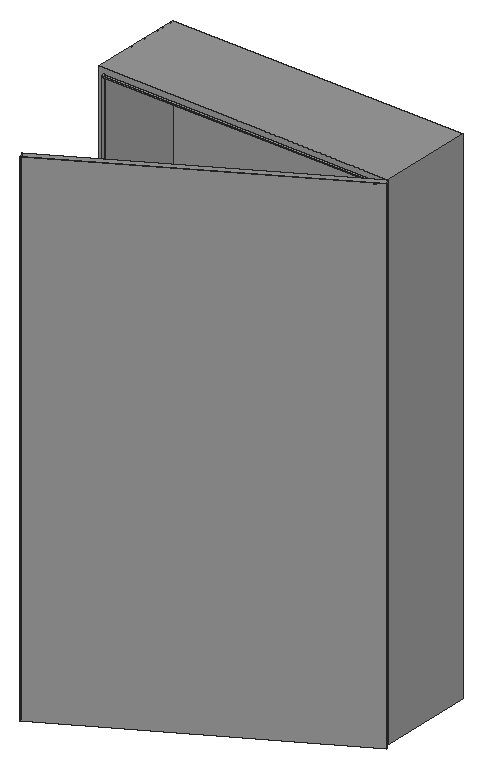
Revit family "Hager-Univers-IP55-D275-H1400-Cl.I-Steel_encl-NoHosted-DE-de", category Equipement électrique, Revit 2020
Family settings
  Configuration du panneau = Deux colonnes, circuits au sein
  Cote de connecteur circulaire = Utiliser le diamètre
  Type d'élément = Tableau de raccordement
  Basée sur le plan de construction = Oui
  Toujours verticalement = Oui
  Couper avec des vides une fois chargée = Non
  Partagée = Non
  Point de calcul de pièce = Non
Parameters (values of type "Aufputz IP55 B800 H1400 T275  - FR93E")
  Width Control [instance] = if([EF000008 - Breite] > Min Width, [EF000008 - Breite], Min Width)  # 800 mm
  Commentaires du type = [HG000003 - Bereich]  # "Univers"
  Thickness Door [instance] = if([EF009171 - Materialstärke Tür/Deckel] > 3 mm, 3 mm, [EF009171 - Materialstärke Tür/Deckel])  # 1.5 mm
  Seal Frame Offset [instance] = 17 mm  # constant formula
  Plinth Visibility [instance] = [HG000027 - Sockelhöhe] > 0 mm  # no
  Min Width [instance] = 100 mm  # constant formula
  Min Depth [instance] = (2 * [EF009170 - Materialstärke Gehäuse]) + 1 mm  # 4 mm
  Min Height [instance] = 100 mm  # constant formula
  Internal Frame Depth [instance] = (Door System Depth * 0.5)  # 9 mm
  Panel Name [instance] = ""  # (empty or 0)
  Model = ""
  HG000027 - Sockelhöhe = 0 mm
  HG000026 - Stehend auf dem Boden = no
  HG000024 - Höhe des unteren Teils = 600 mm
  HG000023 - Gehäuse mit doppeltem Querschnitt = no
  HG000016 - 3D-Türsichtbarkeit [instance] = yes
  HG000015 - Sichtbarkeit der Türöffnung [instance] = no
  HG000014 - Tür rechts [instance] = yes
  HG000013 - Tür links [instance] = not([HG000014 - Tür rechts])  # no
  HG000012 - Türschwenkwinkel [instance] = 30.00°
  HG000010 - Asymmetrische Türen = no
  HG000009 - Doppelflügeligen Tür = no
  HG000006 - Unterputz = no
  HG000004 - Herstellerreferenz = "FR93E"
  HG000003 - Bereich = "Univers"
  HG000002 - Mit tür = yes
  Frame Offset Bottom [instance] = 10 mm  # constant formula
  Frame Offset [instance] = 15 mm  # constant formula
  EF015940 - Deckel mit Überdruckentlastung = no
  EF011959 - Schutzart (NEMA) = ""
  EF009554 - Anzahl der Öffnungen für Flanschplatten = 6
  EF009212 - Ausführung Deckel = "EV000116 - geschlossen"
  EF009171 - Materialstärke Tür/Deckel = 1.5 mm
  EF009170 - Materialstärke Gehäuse = 1.5 mm
  EF008873 - Nennstrom (In) = 800 A
  EF007800 - Geeignet für Blitzschutz = no
  EF006306 - Mit Schloss = no
  EF006244 - Transparenter Deckel/Tür = no
  EF005474 - Schutzart (IP) = "EV006420 - IP55"
  EF004464 - Art der Tür = "EV002646 - Einzel"
  EF004427 - Anzahl der Module = 324
  EF004293 - Schlagfestigkeit = "EV008784 - IK10"
  EF003532 - Geeignet für Außengebrauch = no
  EF002950 - Breite in Teilungseinheiten = 24
  EF001613 - Funktionserhalt = "EV000494 - ohne"
  EF001596 - Werkstoff des Gehäuses = "EV000179 - Stahl"
  EF001131 - Innentiefe = 275 mm
  EF001088 - Anbaumöglichkeit = yes
  EF000437 - Anzahl der Leitungseinführungen = 6
  EF000339 - Art der Abdeckung = "EV004216 - Tür"
  EF000266 - Anzahl der Reihen = 9
  EF000218 - Einbautiefe = 0 mm
  EF000118 - Mit Montageplatte = no
  EF000116 - RAL-Nummer = "7035"
  EF000049 - Tiefe = 275 mm
  EF000040 - Höhe = 1400 mm
  EF000008 - Breite = 800 mm
  EF000007 - Farbe = "EV000270 - grau"
  EF000003 - Montageart = "EV000384 - Aufputz"
  Door System Leaf Tolerance [instance] = 1.5 mm  # constant formula
  Door System Depth [instance] = 18 mm  # constant formula
  Door Height [instance] = Height Control - [HG000027 - Sockelhöhe]  # 1400 mm
  Description = ""
  Default Elevation = 1219.2 mm
  Connector Offset [instance] = Height Control / 2  # 700 mm
  Fabricant = "Hager"  # constant formula
  Height Control [instance] = if([EF000040 - Höhe] > Min Height, [EF000040 - Höhe], Min Height)  # 1400 mm
  Depth Control [instance] = if([EF000049 - Tiefe] > Min Depth, [EF000049 - Tiefe], Min Depth)  # 275 mm
  Bottom Top Plate Trim [instance] = 1.5 mm  # constant formula
  Plinth height Ctrl [instance] = if([HG000027 - Sockelhöhe] > 0 mm, [HG000027 - Sockelhöhe], 12 mm)  # 12 mm
Types (5, lengths in mm): name | Width Control | HG000010 - Asymmetrische Türen | HG000009 - Doppelflügeligen Tür | HG000004 - Herstellerreferenz | EF009554 - Anzahl der Öffnungen für Flanschplatten | EF004464 - Art der Tür | EF004427 - Anzahl der Module | EF000437 - Anzahl der Leitungseinführungen | EF000008 - Breite
  Aufputz IP55 B1050 H1400 T275  - FR94E | 1050 | no | yes | "FR94E" | 8 | "EV003602 - Doppel" | 432 | 8 | 1050
  Aufputz IP55 B1300 H1400 T275  - FR95E | 1300 | yes | yes | "FR95E" | 10 | "EV003602 - Doppel" | 540 | 10 | 1300
  Aufputz IP55 B300 H1400 T275  - FR91E | 300 | no | no | "FR91E" | 2 | "EV002646 - Einzel" | 108 | 2 | 300
  Aufputz IP55 B550 H1400 T275  - FR92E | 550 | no | no | "FR92E" | 4 | "EV002646 - Einzel" | 216 | 4 | 550
  Aufputz IP55 B800 H1400 T275  - FR93E | 800 | no | no | "FR93E" | 6 | "EV002646 - Einzel" | 324 | 6 | 800
Reference planes
  plane 1 "Center (Front/Back)": y = 0
  plane 2: z = 0
  plane 3 "Center (Left/Right)": x = 0
  plane 4: y = 0
  plane 5: y = 0
  plane 6: z = 0
  plane 7: x = -400
  plane 8: x = 400
  plane 9: x = 398.5
  plane 10: x = -398.5
  plane 11: z = 0
  plane 12: z = 1.5
  plane 13: y = -275
  plane 14: y = -1.5
  plane 15: x = 0
  plane 16: y = -257
  plane 17: y = -273.5
  plane 18: y = -255.5
  plane 19: x = -383.5
  plane 20: x = 383.5
  plane 21: z = 11.5
  plane 22: x = -383
  plane 23: x = 383
  plane 24: z = 0
  plane 25: z = 1400
  plane 26: z = 1400
  plane 27: z = 1383.5
  plane 28: z = 1398.5
Forms (mm)
  Extrusion 1, solid, material "Hager_Steel_RAL7035_Light_Grey", detail levels medium+fine
    sketch origin (-208.679, -4572, 0) x (-1, 0, 0) y (0, -1, 0)
      loop
        line (191.321, -4315) -> (-608.679, -4315) -> (-608.679, -4572) -> (191.321, -4572) -> (191.321, -4315)
    from 0 to 1400
  Extrusion 2, void
    sketch origin (-350.771, -275, 1219.2) x (1, 0, 0) y (0, 0, 1)
      loop
        line (-47.729, 179.3) -> (-47.729, -1217.7) -> (749.271, -1217.7) -> (749.271, 179.3) -> (-47.729, 179.3)
    from -19.5 to -273.5
  Extrusion 3, void
    sketch origin (-290.084, -257, 1219.2) x (1, 0, 0) y (0, 0, 1)
      loop
        line (-93.416, -1207.7) -> (673.584, -1207.7) -> (673.584, 164.3) -> (-93.416, 164.3) -> (-93.416, -1207.7)
    from 0 to -1.5
  Extrusion 4, solid, material "Hager_Steel_RAL7035_Light_Grey", visible <- "Plinth Visibility", detail levels medium+fine
    sketch origin (0, 0, 0) x (1, 0, 0) y (0, 1, 0)
      loop
        line (-400, 0) -> (-400, -257) -> (400, -257) -> (400, 0) -> (-400, 0)
    from 0 to 12 <- "Plinth height Ctrl"
  Extrusion 5, solid, material "Hager_Steel_RAL7035_Light_Grey", detail levels coarse
    sketch origin (0, 0, 0) x (1, 0, 0) y (0, 1, 0)
      loop
        line (-400, 0) -> (-400, -275) -> (400, -275) -> (400, 0) -> (-400, 0)
    from 0 to 1400 <- "Height Control"
  Sweep 6, void
    path in 3D
      loop
        line (-400, -257, 12) -> (400, -257, 12) -> (400, 0, 12) -> (-400, 0, 12) -> (-400, -257, 12)
    profile origin (-400, -128.5, 12) x (1, 0, 0) y (0, 0, 1)
      loop
        line (0, 0) -> (0, -1.5) -> (1.5, -1.5)
        arc (1.5, -1.5) -> (1.061, -0.439) -> (0, 0) r 1.5
  Extrusion 7, solid, material "Hager_Steel_RAL7035_Light_Grey", detail levels fine
    sketch origin (-400, -257, 0) x (1, 0, 0) y (0, 0, 1)
      loop
        line (16.5, 11.5) -> (783.5, 11.5) -> (783.5, 1383.5) -> (16.5, 1383.5) -> (16.5, 11.5)
      loop
        line (15, 10) -> (785, 10) -> (785, 1385) -> (15, 1385) -> (15, 10)
    from 0 to 9 <- "Internal Frame Depth"
Cuts and joins
  Extrusion 2, Extrusion 3 cuts Extrusion 1
  Sweep 6 cuts Extrusion 4
Lines and regions (mm)
  Masking region 1
    outline origin (0, 0, 0) x (1, 0, 0) y (0, 1, 0)
      loop
        line (-400, 0) -> (-400, -275) -> (400, -275) -> (400, 0) -> (-400, 0)
  Masking region 2, detail levels coarse
    outline origin (-290.084, -257, 1219.2) x (-1, 0, 0) y (0, 0, 1)
      loop
        line (-690.084, -1219.2) -> (109.916, -1219.2) -> (109.916, 180.8) -> (-690.084, 180.8) -> (-690.084, -1219.2)
  Masking region 3, detail levels coarse
    outline origin (0, 0, 0) x (0, 1, 0) y (0, 0, 1)
      loop
        line (0, 0) -> (0, 1400) -> (-275, 1400) -> (-275, 0) -> (0, 0)
  Masking region 4, visible <- "Plinth Visibility", detail levels medium+fine
    outline origin (0, 0, 0) x (0, 1, 0) y (0, 0, 1)
      loop
        line (-1.5, 12) -> (-255.5, 12)
        arc (-255.5, 12) -> (-255.939, 10.939) -> (-257, 10.5) r 1.5
        line (-257, 10.5) -> (-257, 0) -> (0, 0) -> (0, 10.5)
        arc (0, 10.5) -> (-1.061, 10.939) -> (-1.5, 12) r 1.5
  Masking region 5, detail levels medium+fine
    outline origin (0, 0, 594.038) x (0, 1, 0) y (0, 0, 1)
      loop
        line (0, -594.038) -> (0, 805.962) -> (-257, 805.962) -> (-257, -594.038) -> (0, -594.038)
  Masking region 6, detail levels medium+fine
    outline origin (-359.7, -257, 1211.883) x (-1, 0, 0) y (0, 0, 1)
      loop
        line (-759.7, -1211.883) -> (40.3, -1211.883) -> (40.3, 188.117) -> (-759.7, 188.117) -> (-759.7, -1211.883)
  Masking region 7, visible <- "Plinth Visibility", detail levels medium+fine
    outline origin (-320.334, -257, 1041.368) x (-1, 0, 0) y (0, 0, 1)
      loop
        line (-720.334, -1041.368) -> (79.666, -1041.368) -> (79.666, -1030.868)
        arc (79.666, -1030.868) -> (78.606, -1030.429) -> (78.166, -1029.368) r 1.5
        line (78.166, -1029.368) -> (-718.834, -1029.368)
        arc (-718.834, -1029.368) -> (-719.273, -1030.429) -> (-720.334, -1030.868) r 1.5
        line (-720.334, -1030.868) -> (-720.334, -1041.368)
  sketch lines
    curve 1: line (-400, 0, 12) -> (-400, -257, 12)
    curve 2: line (-400, -257, 12) -> (400, -257, 12)
    curve 3: line (400, 0, 12) -> (-400, 0, 12)
    curve 4: line (400, -257, 12) -> (400, 0, 12)
Dimensions and locks
  locked: plane 1 "Center (Front/Back)" to plane 5
  "EF009170 - Materialstärke Gehäuse": plane 7 to plane 10
  "EF009170 - Materialstärke Gehäuse": plane 8 to plane 9
  equal spacing: plane 7, plane 3 "Center (Left/Right)", plane 8
  "Width Control": plane 7 to plane 8
  "Depth Control": plane 4 to plane 13
  "EF009170 - Materialstärke Gehäuse": plane 4 to plane 14
  "Height Control": plane 25 to level
  "HG000027 - Sockelhöhe": plane 11 to level
  "EF009170 - Materialstärke Gehäuse": plane 12 to plane 11
  "EF009170 - Materialstärke Gehäuse": plane 17 to plane 13
  "EF009170 - Materialstärke Gehäuse": plane 18 to plane 16
  "Frame Offset Bottom": plane 21 to plane 12
  "Frame Offset": plane 10 to plane 19
  "Frame Offset": plane 9 to plane 20
  "Door System Depth": plane 16 to plane 13
  "Seal Frame Offset": plane 7 to plane 22
  "Seal Frame Offset": plane 8 to plane 23
  "EF009170 - Materialstärke Gehäuse": plane 26 to plane 28
  "Frame Offset": plane 28 to plane 27
  "Connector Offset": plane 2 to connector elem
  "Bottom Top Plate Trim": profile plane to Sweep 6 sketch curve
  "Bottom Top Plate Trim": Sweep 6 sketch curve to Sweep 6 sketch curve
  "Plinth height Ctrl": Masking region 4 sketch curve to level
  "Plinth height Ctrl": Masking region 7 sketch curve to level
  "Thickness Door": Extrusion 7 sketch curve to Extrusion 7 sketch curve  (x4)
  "Bottom Top Plate Trim": radius of Sweep 6 sketch curve
  "Bottom Top Plate Trim": radius of Masking region 4 sketch curve  (x2)
  "Bottom Top Plate Trim": radius of Masking region 7 sketch curve  (x2)
  aligned and locked: Extrusion 2 sketch curve to plane 12
  aligned and locked: Extrusion 2 sketch curve to plane 9
  aligned and locked: Extrusion 2 sketch curve to plane 10
  aligned and locked: Extrusion 2 to plane 14
  aligned and locked: Extrusion 1 sketch curve to plane 4
  aligned and locked: plane 8 to Extrusion 1 sketch curve
  aligned and locked: plane 7 to Extrusion 1 sketch curve
  aligned and locked: Extrusion 2 to plane 18
  aligned and locked: Extrusion 3 sketch curve to plane 19
  aligned and locked: plane 20 to Extrusion 3 sketch curve
  aligned and locked: Extrusion 3 to Extrusion 2
  aligned and locked: Extrusion 3 sketch curve to plane 21
  aligned and locked: plane 3 "Center (Left/Right)" to nested 1
  aligned and locked: Extrusion 1 sketch curve to plane 16
  aligned and locked: Extrusion 4 sketch curve to cut or joined group of Extrusion 1, Extrusion 2, Extrusion 3
  aligned and locked: Masking region 1 sketch curve to plane 7
  aligned and locked: Masking region 1 sketch curve to plane 5
  aligned and locked: Masking region 1 sketch curve to plane 8
  aligned and locked: Masking region 2 sketch curve to level
  aligned and locked: level to Masking region 3 sketch curve
  aligned and locked: plane 1 "Center (Front/Back)" to Masking region 3 sketch curve
  aligned and locked: plane 13 to Masking region 3 sketch curve
  aligned and locked: plane 5 to Masking region 4 sketch curve
  aligned and locked: Masking region 2 sketch curve to plane 8
  aligned and locked: Masking region 2 sketch curve to plane 7
  aligned and locked: plane 7 to nested 2
  aligned and locked: nested 2 to plane 5
  aligned and locked: plane 5 to Masking region 5 sketch curve
  aligned and locked: plane 26 to Masking region 5 sketch curve
  aligned and locked: Extrusion 5 sketch curve to plane 8
  aligned and locked: Extrusion 5 sketch curve to plane 7
  aligned and locked: Extrusion 5 sketch curve to plane 5
  aligned and locked: Extrusion 3 sketch curve to plane 27
  aligned and locked: Extrusion 2 sketch curve to plane 28
  aligned and locked: Masking region 2 to plane 25
  aligned and locked: Extrusion 4 to plane 16
  aligned and locked: profile plane to Sweep 6 sketch curve
  aligned and locked: Masking region 5 sketch curve to plane 24
  aligned and locked: level to Masking region 4 sketch curve
  aligned and locked: Masking region 1 to plane 13
  aligned and locked: nested 1 to plane 16
  aligned and locked: Masking region 3 to plane 25
  aligned and locked: plane 16 to Masking region 4 sketch curve
  aligned and locked: Masking region 5 sketch curve to plane 16
  aligned and locked: plane 24 to plane 11
  aligned and locked: plane 26 to plane 25
  aligned and locked: plane 26 to cut or joined group of Extrusion 1, Extrusion 2, Extrusion 3
  aligned and locked: nested 1 to plane 24
  aligned and locked: Extrusion 1 to Extrusion 3
  aligned and locked: Masking region 6 sketch curve to plane 8
  aligned and locked: Masking region 6 sketch curve to plane 24
  aligned and locked: Masking region 6 sketch curve to plane 7
  aligned and locked: Masking region 6 sketch curve to plane 26
  aligned and locked: Masking region 7 sketch curve to plane 7
  aligned and locked: level to Masking region 7 sketch curve
  aligned and locked: Masking region 7 sketch curve to plane 8
  aligned and locked: Extrusion 7 sketch curve to cut or joined group of Extrusion 1, Extrusion 2, Extrusion 3  (x4)
Automatic sketch dimensions
  plane 19 to Extrusion 3 sketch curve = 0 mm
  Extrusion 3 sketch curve to plane 20 = 0 mm
  Extrusion 3 sketch curve to plane 21 = 0 mm
  Extrusion 4 sketch curve to plane 7 = 0 mm
  Extrusion 4 sketch curve to plane 8 = 0 mm
  Extrusion 4 sketch curve to plane 16 = 0 mm
  Masking region 1 sketch curve to plane 13 = 0 mm
  Masking region 2 sketch curve to plane 25 = 0 mm
  Masking region 3 sketch curve to plane 25 = 0 mm
  Extrusion 5 sketch curve to plane 13 = 0 mm
  profile plane to Sweep 6 sketch curve = 0 mm
Nested families
  nested 1: "EC000058_Univers_Door" at (0, -257, 0), Double <- "HG000009 - Doppelflügeligen Tür", Transparent <- "EF006244 - Transparenter Deckel/Tür", Angle <- "HG000012 - Türschwenkwinkel", Door_Right <- "HG000014 - Tür rechts", Assymetrical <- "HG000010 - Asymmetrische Türen", Door <- "HG000002 - Mit tür", Width_Ctrl <- "Width Control", 3d_Door <- "HG000016 - 3D-Türsichtbarkeit", Clearance <- "HG000015 - Sichtbarkeit der Türöffnung", Door_Left <- "HG000013 - Tür links", Width <- "Width Control", Door_Depth <- "Door System Depth", Leaf_Tolerance <- "Door System Leaf Tolerance", Height <- "Door Height", Lock_Visibility <- "EF006306 - Mit Schloss", Thickness <- "Thickness Door", type "EC000058_Univers_Door", detail levels medium+fine
    with min_wh 4 mm, Width_Ctrl 800 mm, Width 800 mm, Transparent no, Thickness 1.5 mm, Seal_Material Hager_Rubber, Lock_Visibility no, Lock_Material Hager_Plastic_RAL9005_Jet_Black, Leaf_Width 800 mm, Leaf_Tolerance_External_Sides 0 mm, Leaf_Tolerance 1.5 mm, Leaf_Offset 0 mm, Leaf_Height 1397 mm, Leaf_2_Width 800 mm, Leaf_2_Offset 400 mm, Leaf_1_Width 800 mm, Leaf_1_Offset 400 mm, Height_Ctrl 1400 mm, Height 1400 mm, Glass_Material Hager_Glass, Double_Clearance_Ctrl no, Double no, Door_Right_Ctrl yes, Door_Right yes, Door_Material Hager_Steel_RAL7035_Light_Grey, Door_Left_Ctrl no, Door_Left no, Door_Depth 18 mm, Door yes, Clearance_Material Hager_Clearance, Clearance_Depth 800 mm, Clearance_Ctrl no, Clearance no, Assymetrical no, Angle 30.00°, 3d_Door yes
  nested 2: "Hager_Enclosure_Symbol" at (-400, 0, 0), Height <- "Depth Control", Width <- "Width Control", type "Hager_Enclosure_Symbol"
    with Width_Ctrl 800 mm, Width 800 mm, Height_Ctrl 275 mm, Height 275 mm, A_Width_Int 18.047 mm, A_Width 216.562 mm, A_Height_Ctrl 240.625 mm, A_Height 240.625 mm
Connectors
  electrical at (0, 0, 700)
    settings: on plane 1 "Center (Front/Back)", index 1, voltage 0 V, apparent load 0 VA, apparent load phase1 0 VA, apparent load phase2 0 VA, apparent load phase3 0 VA, power factor 1, load classification "Other", number of poles 1, system type 30, power factor state 1, is connector primary yes, connector utility no, sub classification motor no, connector description ""
Definition of nested family "EC000058_Univers_Door"
  Parameters (values of type "EC000058_Univers_Door")
    min_wh [instance] = (2 * Thickness) + 1 mm  # 11 mm
    Width_Ctrl [instance] = 400 mm
    Width [instance] = 500 mm
    Transparent [instance] = yes
    Thickness [instance] = 5 mm
    Seal_Material [instance] = none
    Lock_Visibility [instance] = yes
    Lock_Material [instance] = none
    Leaf_Width [instance] = if((Width_Ctrl - 2 * Leaf_Tolerance_External_Sides) > 0 mm, (Width_Ctrl - 2 * Leaf_Tolerance_External_Sides), min_wh)  # 400 mm
    Leaf_Tolerance_External_Sides [instance] = 0 mm  # constant formula
    Leaf_Tolerance [instance] = 1.5 mm
    Leaf_Offset [instance] = 0 mm  # constant formula
    Leaf_Height [instance] = if((Height_Ctrl - 2 * Leaf_Tolerance) > 0 mm, (Height_Ctrl - 2 * Leaf_Tolerance), min_wh)  # 497 mm
    Leaf_2_Width [instance] = if(and(and(Double, Assymetrical), Door_Left), (Leaf_Width / 3) - (Leaf_Tolerance / 2), if(and(and(Double, Assymetrical), Door_Right), (Leaf_Width / 3) * 2 - (Leaf_Tolerance / 2), if(and(Double, not(Assymetrical)), (Leaf_Width / 2) - Leaf_Tolerance, Leaf_Width)))  # 400 mm
    Leaf_2_Offset [instance] = if(and(Double, Assymetrical), Leaf_2_Width / 2, if(and(Double, not(Assymetrical)), Leaf_Width / 4, Leaf_Width / 2))  # 200 mm
    Leaf_1_Width [instance] = if(and(and(Double, Assymetrical), Door_Right), (Leaf_Width / 3) - (Leaf_Tolerance / 2), if(and(and(Double, Assymetrical), Door_Left), (Width / 3) * 2 - (Leaf_Tolerance / 2), if(and(Double, not(Assymetrical)), (Leaf_Width / 2) - Leaf_Tolerance, Leaf_Width)))  # 400 mm
    Leaf_1_Offset [instance] = if(and(Double, Assymetrical), Leaf_1_Width / 2, if(and(Double, not(Assymetrical)), Leaf_Width / 4, Leaf_Width / 2))  # 200 mm
    Height_Ctrl [instance] = if(Height > min_wh, Height, min_wh)  # 500 mm
    Height [instance] = 500 mm
    Glass_Material [instance] = none
    Double_Clearance_Ctrl [instance] = and(Double, Clearance)  # no
    Double [instance] = no
    Door_Right_Ctrl [instance] = and(or(Door_Right, Double), Door)  # yes
    Door_Right [instance] = yes
    Door_Material [instance] = none
    Door_Left_Ctrl [instance] = and(or(Door_Left, Double), Door)  # no
    Door_Left [instance] = no
    Door_Depth [instance] = 30 mm
    Door [instance] = yes
    Default Elevation = 1219.2 mm
    Clearance_Material [instance] = none
    Clearance_Depth [instance] = if(Leaf_1_Width > Leaf_2_Width, Leaf_1_Width, Leaf_2_Width)  # 400 mm
    Clearance_Ctrl [instance] = and(not(Double), Clearance)  # yes
    Clearance [instance] = yes
    Assymetrical [instance] = yes
    Angle [instance] = 30.00°
    3d_Door [instance] = yes
  Reference planes
    plane 1 "Center (Front/Back)": y = 0
    plane 2 "Bottom": z = 0
    plane 3 "Center (Left/Right)": x = 0
    plane 4: z = 500
    plane 5: x = -200
    plane 6: x = 200
    plane 7: z = 500
    plane 8: x = -200
    plane 9: z = 0
    plane 10: x = 200
    plane 11: y = 0
    plane 12: z = 1.5
    plane 13: x = -600
    plane 14: y = -400
    plane 15: x = 600
    plane 16: x = 0
    plane 17: x = 0
    plane 18: x = -200
    plane 19: x = 200
    plane 20: z = 498.5
  Forms (mm)
    Extrusion 1, solid, material <- "Clearance_Material", visible <- "Double_Clearance_Ctrl"
      sketch origin (1200, 0, 0) x (1, 0, 0) y (0, 0, -1)
        loop
          line (-1800, -498.5) -> (-600, -498.5) -> (-600, 0) -> (-1800, 0) -> (-1800, -498.5)
      from 0 to -400
  Dimensions and locks
    equal spacing: plane 5, plane 3 "Center (Left/Right)", plane 6
    "Width_Ctrl": plane 5 to plane 6
    "Leaf_Offset": plane 5 to plane 8
    "Leaf_Offset": plane 6 to plane 10
    "Leaf_Offset": plane 9 to level
    "Leaf_Offset": plane 4 to plane 7
    "Height_Ctrl": plane 4 to level
    "Leaf_Tolerance": plane 12 to plane 9
    locked: plane 11 to plane 1 "Center (Front/Back)"
    "Leaf_1_Offset": plane 18 to plane 16
    "Leaf_2_Offset": plane 17 to plane 19
    "Leaf_1_Width": plane 13 to plane 8
    "Leaf_2_Width": plane 10 to plane 15
    "Clearance_Depth": plane 14 to plane 1 "Center (Front/Back)"
    "Leaf_Tolerance_External_Sides": plane 8 to plane 18
    "Leaf_Tolerance_External_Sides": plane 19 to plane 10
    "Leaf_Tolerance": plane 7 to plane 20
    aligned and locked: level to plane 2 "Bottom"
    aligned and locked: nested 1 to plane 16
    aligned and locked: nested 2 to plane 17
    aligned and locked: Extrusion 1 to plane 13
    aligned and locked: plane 15 to Extrusion 1
    aligned and locked: Extrusion 1 to plane 14
    aligned and locked: plane 12 to nested 1
    aligned and locked: nested 2 to plane 12
    aligned and locked: Extrusion 1 to plane 11
    aligned and locked: plane 20 to Extrusion 1
    aligned and locked: nested 2 to plane 11
    aligned and locked: nested 1 to plane 11
  Automatic sketch dimensions
    Extrusion 1 sketch curve to level = 0 mm
    plane 5 to Extrusion 1 sketch curve = 400 mm
    plane 6 to Extrusion 1 sketch curve = 400 mm
    Extrusion 1 sketch curve to plane 4 = 1.5 mm
  Nested families
    nested 1: "EC000058_Univers_Door_Leaf" at (0, 0, 1.5), Width <- "Leaf_1_Width", visible <- "Door_Left_Ctrl", Leaf_Height <- "Leaf_Height", Angle <- "Angle", 3d_Door <- "3d_Door", Transparent <- "Transparent", Clearance Material <- "Clearance_Material", Clearance <- "Clearance_Ctrl", Door_Material <- "Door_Material", Glass_Material <- "Glass_Material", Door_Depth <- "Door_Depth", Lock_Material <- "Lock_Material", Seal_Material <- "Seal_Material", Lock_Visibility <- "Lock_Visibility", Thickness <- "Thickness", type "EC000058_Univers_Door_Leaf"
      with Width 400 mm, Transparent_Glass_Offset 30 mm, Transparent_Ctrl yes, Transparent yes, Thickness 5 mm, Standard no, Seal_Material none, Seal_D2 8 mm, Seal_D1 1 mm, Offset_Internal_Frame 10 mm, Lock_Width 20 mm, Lock_Visibility_3d yes, Lock_Visibility yes, Lock_Thickness_3 3 mm, Lock_Thickness_2 1 mm, Lock_Thickness_1 3 mm, Lock_Radius_Offset_2 16 mm, Lock_Radius_Offset_1 15 mm, Lock_Radius_2 5 mm, Lock_Radius 6 mm, Lock_Offset 5 mm, Lock_Material none, Lock_Height 80 mm, Lock_Cover_Top_Offset_2d 17 mm, Lock_Cover_Height -65 mm, Leaf_Height 497 mm, Internal_Seal_Thickness 8 mm, Internal_Seal_Depth_2 4.5 mm, Internal_Frame_Depth 25 mm, Glass_Thickness -1 mm, Glass_Offset -2 mm, Glass_Material none, Door_Material none, Door_Depth 30 mm, Clearance Material none, Clearance yes, Angle_Ctrl 30.00°, Angle 30.00°, 3d_Door yes
    nested 2: "EC000058_Univers_Door_Leaf" at (0, 0, 1.5) x (-1, 0, 0) z (0, 0, 1), Width <- "Leaf_2_Width", visible <- "Door_Right_Ctrl", Leaf_Height <- "Leaf_Height", Angle <- "Angle", 3d_Door <- "3d_Door", Transparent <- "Transparent", Clearance Material <- "Clearance_Material", Clearance <- "Clearance_Ctrl", Door_Material <- "Door_Material", Glass_Material <- "Glass_Material", Door_Depth <- "Door_Depth", Lock_Material <- "Lock_Material", Seal_Material <- "Seal_Material", Lock_Visibility <- "Lock_Visibility", Thickness <- "Thickness", type "EC000058_Univers_Door_Leaf"
      with Width 400 mm, Transparent_Glass_Offset 30 mm, Transparent_Ctrl yes, Transparent yes, Thickness 5 mm, Standard no, Seal_Material none, Seal_D2 8 mm, Seal_D1 1 mm, Offset_Internal_Frame 10 mm, Lock_Width 20 mm, Lock_Visibility_3d yes, Lock_Visibility yes, Lock_Thickness_3 3 mm, Lock_Thickness_2 1 mm, Lock_Thickness_1 3 mm, Lock_Radius_Offset_2 16 mm, Lock_Radius_Offset_1 15 mm, Lock_Radius_2 5 mm, Lock_Radius 6 mm, Lock_Offset 5 mm, Lock_Material none, Lock_Height 80 mm, Lock_Cover_Top_Offset_2d 17 mm, Lock_Cover_Height -65 mm, Leaf_Height 497 mm, Internal_Seal_Thickness 8 mm, Internal_Seal_Depth_2 4.5 mm, Internal_Frame_Depth 25 mm, Glass_Thickness -1 mm, Glass_Offset -2 mm, Glass_Material none, Door_Material none, Door_Depth 30 mm, Clearance Material none, Clearance yes, Angle_Ctrl 30.00°, Angle 30.00°, 3d_Door yes
  Definition of nested family "EC000058_Univers_Door_Leaf"
    Parameters (values of type "EC000058_Univers_Door_Leaf")
      Width [instance] = 2000 mm
      Transparent_Glass_Offset [instance] = 30 mm
      Transparent_Ctrl [instance] = and(Transparent, [3d_Door])  # yes
      Transparent [instance] = yes
      Thickness [instance] = 5 mm
      Standard [instance] = and(not(Transparent), [3d_Door])  # no
      Seal_Material [instance] = none
      Seal_D2 [instance] = 8 mm  # constant formula
      Seal_D1 [instance] = 1 mm  # constant formula
      Offset_Internal_Frame [instance] = 10 mm  # constant formula
      Lock_Width [instance] = 20 mm  # constant formula
      Lock_Visibility_3d [instance] = and(Lock_Visibility, [3d_Door])  # yes
      Lock_Visibility [instance] = yes
      Lock_Thickness_3 [instance] = 3 mm  # constant formula
      Lock_Thickness_2 [instance] = 1 mm  # constant formula
      Lock_Thickness_1 [instance] = 3 mm  # constant formula
      Lock_Radius_Offset_2 [instance] = Lock_Radius_Offset_1 + 1 mm  # 16 mm
      Lock_Radius_Offset_1 [instance] = 15 mm  # constant formula
      Lock_Radius_2 [instance] = Lock_Radius - 1 mm  # 5 mm
      Lock_Radius [instance] = 6 mm  # constant formula
      Lock_Offset [instance] = 5 mm  # constant formula
      Lock_Material [instance] = none
      Lock_Height [instance] = 80 mm  # constant formula
      Lock_Cover_Top_Offset_2d [instance] = Lock_Radius_Offset_2 + 1 mm  # 17 mm
      Lock_Cover_Height [instance] = -(Lock_Height - Lock_Radius_Offset_1)  # -65 mm
      Leaf_Height [instance] = 2720.336 mm
      Internal_Seal_Thickness [instance] = 8 mm  # constant formula
      Internal_Seal_Depth_2 [instance] = 4.5 mm  # constant formula
      Internal_Frame_Depth [instance] = if(Door_Depth - Thickness > 5 mm, Door_Depth - Thickness, 5 mm)  # 25 mm
      Glass_Thickness [instance] = if(Thickness > 15 mm, Glass_Offset + 10 mm, -1 mm)  # -1 mm
      Glass_Offset [instance] = if(Thickness > 15 mm, -(Thickness + 10 mm) / 2, -2 mm)  # -2 mm
      Glass_Material [instance] = none
      Door_Material [instance] = none
      Door_Depth [instance] = 30 mm
      Default Elevation = 0 mm
      Clearance Material [instance] = none
      Clearance [instance] = yes
      Angle_Ctrl [instance] = if(Angle > 180.00°, 180.00°, Angle)  # 90.00°
      Angle [instance] = 90.00°
      3d_Door [instance] = yes
    Reference planes
      plane 1 "Center (Front/Back)": y = 0
      plane 2: z = 0
      plane 3 "Center (Left/Right)": x = 0
      plane 4: y = 2000
      plane 5: x = -1000
      plane 6: x = 1000
      plane 7: x = -3000
      plane 8: z = 2720.336
      plane 9: z = 30
      plane 10: z = 2690.336
      plane 11: x = 970
      plane 12: x = -970
      plane 13: y = -3
      plane 14: z = 107.833
      plane 15: y = -5
      plane 16: y = -223.314
      plane 17: x = -1000
      plane 18: z = 1360.168
      plane 19: y = 30
    Forms (mm)
      Extrusion 1, solid, material <- "Clearance Material", visible <- "Clearance"
        sketch origin (0, 0, 0) x (1, 0, 0) y (0, 0, 1)
          loop
            line (-3000, 2720.336) -> (-3000, 0) -> (1000, 0) -> (1000, 2720.336) -> (-3000, 2720.336)
        from 0 to -2000
      Extrusion 2, solid, material <- "Door_Material", visible <- "Standard", detail levels medium+fine
        sketch origin (-1000, 0, 0) x (0, 1, 0) y (-1, 0, 0)
          loop
            line (0, 30) -> (0, 25) -> (2000, 25) -> (2000, 30) -> (0, 30)
        from 0 to 2720.336 <- "Leaf_Height"
      Extrusion 3, solid, material <- "Door_Material", visible <- "Transparent_Ctrl", detail levels medium+fine
        sketch origin (-1000, 0, 0) x (0, 1, 0) y (-1, 0, 0)
          loop
            line (0, 25) -> (2000, 25) -> (2000, 30) -> (0, 30) -> (0, 25)
        from 0 to 2720.336 <- "Leaf_Height"
      Extrusion 4, void
        sketch origin (-1025, 2000, 0) x (0, 1, 0) y (0, 0, -1)
          loop
            line (-30, -2690.336) -> (-30, -30) -> (-1970, -30) -> (-1970, -2690.336) -> (-30, -2690.336)
        from 0 to 5 <- "Thickness"
      Sweep 5, solid, material <- "Seal_Material", visible <- "Transparent_Ctrl", detail levels fine
        path in 3D
          loop
            line (-1025, 30, 30) -> (-1025, 30, 2690.336) -> (-1025, 1970, 2690.336) -> (-1025, 1970, 30) -> (-1025, 30, 30)
        profile origin (-1025, 1000, 30) x (1, 0, 0) y (0, 0, 1)
          loop
            line (0, 0) -> (0, -8) -> (1, -8) -> (1, 0) -> (0, 0)
      Extrusion 6, solid, material <- "Glass_Material", visible <- "Transparent_Ctrl", detail levels medium+fine
        sketch origin (-1030, 0, 0) x (0, 1, 0) y (0, 0, -1)
          loop
            line (1970, -2690.336) -> (1970, -30) -> (30, -30) -> (30, -2690.336) -> (1970, -2690.336)
        from -2 <- "Glass_Offset" to -1 <- "Glass_Thickness"
      Extrusion 7, solid, material <- "Door_Material", visible <- "3d_Door", detail levels medium+fine
        sketch origin (-1025, 2000, 0) x (0, -1, 0) y (0, 0, -1)
          loop
            line (0, -2720.336) -> (2000, -2720.336) -> (2000, 0) -> (0, 0) -> (0, -2720.336)
          loop
            line (1995, -5) -> (5, -5) -> (5, -2715.336) -> (1995, -2715.336) -> (1995, -5)
        from 0 to 25 <- "Internal_Frame_Depth"
      Sweep 8, solid, material <- "Seal_Material", visible <- "Transparent_Ctrl", detail levels fine
        path in 3D
          loop
            line (-1025, 0, 0) -> (-1025, 2000, 0) -> (-1025, 2000, 2720.336) -> (-1025, 0, 2720.336) -> (-1025, 0, 0)
        profile origin (-1025, 0, 1360.168) x (1, 0, 0) y (0, 1, 0)
          loop
            line (0, 10) -> (2.975, 10)
            arc (2.975, 10) -> (4.053, 10.447) -> (4.5, 11.525) r 1.525
            line (4.5, 11.525) -> (4.5, 16.527)
            arc (4.5, 16.527) -> (4.069, 17.569) -> (3.027, 18) r 1.473
            line (3.027, 18) -> (0, 18) -> (0, 10)
      Extrusion 9, solid, material <- "Lock_Material", visible <- "Lock_Visibility_3d", detail levels fine
        sketch origin (-1030, 0, 0) x (0, 1, 0) y (0, 0, -1)
          loop
            arc (1993.5, -1400.168) -> (1994.561, -1399.729) -> (1995, -1398.668) r 1.5
            line (1995, -1398.668) -> (1995, -1320.168) -> (1975, -1320.168) -> (1975, -1398.668)
            arc (1975, -1398.668) -> (1975.439, -1399.729) -> (1976.5, -1400.168) r 1.5
            line (1976.5, -1400.168) -> (1993.5, -1400.168)
        from 3 <- "Lock_Thickness_1" to 0
      Blend 10, solid, material <- "Lock_Material", visible <- "Lock_Visibility_3d", detail levels fine
        base sketch origin (-1033, 0, 0) x (0, 1, 0) y (0, 0, -1)
          loop
            line (1975, -1320.168) -> (1975, -1398.668)
            arc (1975, -1398.668) -> (1975.439, -1399.729) -> (1976.5, -1400.168) r 1.5
            line (1976.5, -1400.168) -> (1993.5, -1400.168)
            arc (1993.5, -1400.168) -> (1994.561, -1399.729) -> (1995, -1398.668) r 1.5
            line (1995, -1398.668) -> (1995, -1320.168) -> (1975, -1320.168)
        top sketch origin (-1033, 0, 0) x (0, 1, 0) y (0, 0, -1)
          loop
            line (1976, -1320.168) -> (1976, -1398.668)
            arc (1976, -1398.668) -> (1976.146, -1399.022) -> (1976.5, -1399.168) r 0.5
            line (1976.5, -1399.168) -> (1993.5, -1399.168)
            arc (1993.5, -1399.168) -> (1993.854, -1399.022) -> (1994, -1398.668) r 0.5
            line (1994, -1398.668) -> (1994, -1320.168) -> (1976, -1320.168)
        from 0 to 1 <- "Lock_Thickness_2"
      Blend 11, solid, material <- "Lock_Material", visible <- "Lock_Visibility_3d", detail levels fine
        base sketch origin (-1034, 0, 0) x (0, 1, 0) y (0, 0, -1)
          loop
            line (1978, -1320.168) -> (1978, -1384.168)
            arc (1978, -1384.168) -> (1985, -1391.168) -> (1992, -1384.168) r 7
            line (1992, -1384.168) -> (1992, -1320.168) -> (1978, -1320.168)
        top sketch origin (-1034, 0, 0) x (0, 1, 0) y (0, 0, -1)
          loop
            line (1991, -1320.168) -> (1979, -1320.168) -> (1979, -1383.168)
            arc (1979, -1383.168) -> (1985, -1389.168) -> (1991, -1383.168) r 6
            line (1991, -1383.168) -> (1991, -1320.168)
        from 0 to 3 <- "Lock_Thickness_3"
      Extrusion 12, solid, material <- "Lock_Material", visible <- "Lock_Visibility_3d", detail levels fine
        sketch origin (-1030, 1975, 1320.168) x (1, 0, 0) y (0, -1, 0)
          loop
            line (-7, -19) -> (-7, -1) -> (0, -1) -> (0, 0) -> (-8, 0) -> (-8, -20) -> (0, -20) -> (0, -19) -> (-7, -19)
        from 0 to -65 <- "Lock_Cover_Height"
      Extrusion 13, void
        sketch origin (-1038, 1995, 1320.168) x (-1, 0, 0) y (0, 0, -1)
          loop
            line (-5, -65) -> (0, -65) -> (-5, -60) -> (-5, -65)
        from 0 to 20 <- "Lock_Width"
      Extrusion 14, void
        sketch origin (-1038, 1975, 1320.168) x (0, -1, 0) y (0, 0, -1)
          loop
            circle (-10, -15.995) r 6
          loop
            circle (-10, -15.995) r 5
        from 0 to 2
      Extrusion 15, solid, material <- "Lock_Material", visible <- "Lock_Visibility_3d", detail levels medium
        sketch origin (-1030, 0, 0) x (0, 1, 0) y (0, 0, -1)
          loop
            arc (1993.5, -1400.168) -> (1994.561, -1399.729) -> (1995, -1398.668) r 1.5
            line (1995, -1398.668) -> (1995, -1320.168) -> (1975, -1320.168) -> (1975, -1398.668)
            arc (1975, -1398.668) -> (1975.439, -1399.729) -> (1976.5, -1400.168) r 1.5
            line (1976.5, -1400.168) -> (1993.5, -1400.168)
        from 8 to 0
    Cuts and joins
      Extrusion 4 cuts Extrusion 3
      Extrusion 13, Extrusion 14 cuts Extrusion 9
      Extrusion 14 cuts Blend 11
      Extrusion 13, Extrusion 14 cuts Extrusion 12
      joined: Extrusion 9, Blend 10, Blend 11, Extrusion 12
      Extrusion 14 cuts Extrusion 15
    Lines and regions (mm)
      Masking region 1, visible <- "Lock_Visibility", detail levels fine
        outline origin (0, 0, 0) x (0, 1, 0) y (0, 0, 1)
          loop
            line (30, 1320.168) -> (33, 1320.168) -> (33, 1400.168) -> (30, 1400.168) -> (30, 1320.168)
      Masking region 2, visible <- "Lock_Visibility", detail levels fine
        outline origin (0, 3.143, 0) x (0, 1, 0) y (0, 0, 1)
          loop
            line (29.857, 1354.168) -> (30.857, 1354.168) -> (30.857, 1366.168) -> (29.857, 1366.168) -> (29.857, 1354.168)
      Masking region 3, detail levels medium+fine
        outline origin (0, 0, 0) x (0, 1, 0) y (0, 0, 1)
          loop
            line (0, 0) -> (30, 0) -> (30, 2720.336) -> (0, 2720.336) -> (0, 0)
      Masking region 4, detail levels medium+fine
        outline origin (0, 0, 0) x (1, 0, 0) y (0, 0, 1)
          loop
            line (-1000, 2720.336) -> (-1000, 0) -> (1000, 0) -> (1000, 2720.336) -> (-1000, 2720.336)
      Masking region 5, visible <- "Lock_Visibility", detail levels fine
        outline origin (-47.116, 0, 0) x (1, 0, 0) y (0, 0, 1)
          loop
            arc (1024.616, 1399.168) -> (1023.556, 1398.729) -> (1023.116, 1397.668) r 1.5
            line (1023.116, 1397.668) -> (1023.116, 1320.168) -> (1041.116, 1320.168) -> (1041.116, 1397.668)
            arc (1041.116, 1397.668) -> (1040.677, 1398.729) -> (1039.616, 1399.168) r 1.5
            line (1039.616, 1399.168) -> (1024.616, 1399.168)
      Masking region 6, visible <- "Lock_Visibility", detail levels medium+fine
        outline origin (-25, 0, 0) x (1, 0, 0) y (0, 0, 1)
          loop
            arc (1001.5, 1400.168) -> (1000.439, 1399.729) -> (1000, 1398.668) r 1.5
            line (1000, 1398.668) -> (1000, 1320.168) -> (1020, 1320.168) -> (1020, 1398.668)
            arc (1020, 1398.668) -> (1019.561, 1399.729) -> (1018.5, 1400.168) r 1.5
            line (1018.5, 1400.168) -> (1001.5, 1400.168)
      Masking region 7, visible <- "Lock_Visibility", detail levels fine
        outline origin (-73.735, 0, 0) x (1, 0, 0) y (0, 0, 1)
          loop
            line (1051.735, 1382.168) -> (1065.735, 1382.168) -> (1065.735, 1384.168)
            arc (1065.735, 1384.168) -> (1058.735, 1391.168) -> (1051.735, 1384.168) r 7
            line (1051.735, 1384.168) -> (1051.735, 1382.168)
      Masking region 8, visible <- "Lock_Visibility", detail levels fine
        outline origin (-73.735, 0, 0) x (1, 0, 0) y (0, 0, 1)
          loop
            line (1052.735, 1382.168) -> (1064.735, 1382.168) -> (1064.735, 1383.168)
            arc (1064.735, 1383.168) -> (1058.735, 1389.168) -> (1052.735, 1383.168) r 6
            line (1052.735, 1383.168) -> (1052.735, 1382.168)
      Masking region 9, visible <- "Lock_Visibility", detail levels fine
        outline origin (-25, 0, 0) x (1, 0, 0) y (0, 0, 1)
          loop
            line (1020, 1320.168) -> (1020, 1382.168) -> (1000, 1382.168) -> (1000, 1320.168) -> (1020, 1320.168)
      Masking region 10, detail levels medium+fine
        outline origin (0, 0, 0) x (1, 0, 0) y (0, 0, 1)
          loop
            circle (985, 1335.144) r 6
      Masking region 11, detail levels fine
        outline origin (0, 0, 0) x (1, 0, 0) y (0, 0, 1)
          loop
            circle (985, 1335.144) r 5
      Masking region 12, visible <- "Lock_Visibility", detail levels fine
        outline origin (0, 12.767, 0) x (0, 1, 0) y (0, 0, 1)
          loop
            line (20.233, 1320.168) -> (21.233, 1320.168) -> (21.233, 1399.168) -> (20.233, 1400.168) -> (20.233, 1320.168)
      Masking region 13, visible <- "Lock_Visibility", detail levels fine
        outline origin (0, 13.767, -10) x (0, 1, 0) y (0, 0, 1)
          loop
            line (20.233, 1330.168) -> (23.233, 1330.168) -> (23.233, 1399.168) -> (20.233, 1402.168) -> (20.233, 1330.168)
      Masking region 14, visible <- "Lock_Visibility", detail levels fine
        outline origin (0, 12.767, -10) x (0, 1, 0) y (0, 0, 1)
          loop
            line (20.233, 1330.168) -> (25.233, 1330.168) -> (25.233, 1399.305) -> (20.233, 1394.305) -> (20.233, 1330.168)
      Masking region 15, visible <- "Lock_Visibility", detail levels medium
        outline origin (0, 0, 0) x (0, 1, 0) y (0, 0, 1)
          loop
            line (30, 1320.168) -> (38, 1320.168) -> (38, 1400.168) -> (30, 1400.168) -> (30, 1320.168)
      Masking region 16, visible <- "Lock_Visibility", detail levels fine
        outline origin (-1000, 0, 0) x (0, 1, 0) y (-1, 0, 0)
          loop
            line (1975, 30) -> (1995, 30) -> (1995, 38) -> (1975, 38) -> (1975, 30)
          loop
            line (1979, 37) -> (1976, 37) -> (1976, 34) -> (1978, 34) -> (1979, 37)
          loop
            line (1994, 37) -> (1991, 37) -> (1992, 34) -> (1994, 34) -> (1994, 37)
      Masking region 17, visible <- "Lock_Visibility", detail levels medium
        outline origin (-1000, 0, 0) x (0, 1, 0) y (-1, 0, 0)
          loop
            line (1975, 30) -> (1995, 30) -> (1995, 38) -> (1975, 38) -> (1975, 30)
      symbolic lines
        curve 1: line (1000, 0, 0) -> (-3000, 0, 0)
        curve 2: arc (1000, 0, 0) -> (-1000, 2000, 0) -> (-3000, 0, 0) r 2000
        curve 4: line (-1030, 0, 0) -> (-1030, 2000, 0)
      reference lines
        curve 3: line (-1000, 0, 0) -> (-1000, 2000, 0)
      symbolic lines, detail levels medium+fine
        curve 5: line (-1030, 2000, 0) -> (-1025, 2000, 0)
        curve 7: line (-1025, 0, 0) -> (-1030, 0, 0)
        curve 8: line (-1025, 0, 0) -> (-1000, 0, 0)
        curve 9: line (-1000, 0, 0) -> (-1000, 2000, 0)
        curve 10: line (-1000, 2000, 0) -> (-1025, 2000, 0)
      symbolic lines, detail levels fine
        curve 6: line (-1025, 2000, 0) -> (-1025, 0, 0)
      sketch lines
        curve 11: line (-1025, 0, 2720.336) -> (-1025, 0, 0)
        curve 12: line (-1025, 2000, 0) -> (-1025, 0, 0)
        curve 13: line (-1025, 2000, 2720.336) -> (-1025, 2000, 0)
        curve 14: line (-1025, 0, 2720.336) -> (-1025, 2000, 2720.336)
        curve 15: line (-1025, 1970, 30) -> (-1025, 30, 30)
        curve 16: line (-1025, 30, 30) -> (-1025, 30, 2690.336)
        curve 17: line (-1025, 1970, 2690.336) -> (-1025, 1970, 30)
        curve 18: line (-1025, 30, 2690.336) -> (-1025, 1970, 2690.336)
      symbolic lines, visible <- "Transparent", detail levels medium+fine
        curve 19: line (-970, 0, 2690.336) -> (970, 0, 2690.336)
        curve 20: line (-970, 0, 30) -> (-970, 0, 2690.336)
        curve 21: line (970, 0, 30) -> (-970, 0, 30)
        curve 22: line (970, 0, 2690.336) -> (970, 0, 30)
    Dimensions and locks
      "Width": plane 1 "Center (Front/Back)" to plane 4
      equal spacing: plane 5, plane 3 "Center (Left/Right)", plane 6
      "Width": plane 5 to plane 6
      "Width": plane 7 to plane 5
      "Leaf_Height": plane 8 to level
      "Width": curve 5 to curve 3
      "Width": curve 3 to curve 3
      plane 8 to plane 10 = 30 mm
      plane 9 to level = 30 mm
      plane 12 to plane 5 = 30 mm
      plane 6 to plane 11 = 30 mm
      Extrusion 1 to Extrusion 4 sketch curve = 30 mm
      "Transparent_Glass_Offset": curve 3 to Extrusion 4 sketch curve
      "Transparent_Glass_Offset": Extrusion 4 sketch curve to cut or joined group of Extrusion 3, Extrusion 4  (x2)
      cut or joined group of Extrusion 3, Extrusion 4 to Extrusion 6 sketch curve = 30 mm
      "Transparent_Glass_Offset": cut or joined group of Extrusion 3, Extrusion 4 to Extrusion 4 sketch curve
      "Thickness": curve 6 to curve 4
      "Thickness": Extrusion 7 sketch curve to Extrusion 7 sketch curve  (x4)
      "Door_Depth": curve 4 to curve 3
      "Offset_Internal_Frame": profile plane to Sweep 8 sketch curve
      "Internal_Seal_Thickness": Sweep 8 sketch curve to Sweep 8 sketch curve
      "Internal_Seal_Depth_2": profile plane to Sweep 8 sketch curve
      "Seal_D1": profile plane to Sweep 5 sketch curve
      "Seal_D2": profile plane to Sweep 5 sketch curve
      "Thickness": Extrusion 2 sketch curve to Extrusion 2 sketch curve
      equal spacing: Extrusion 9 sketch curve, plane 18, Extrusion 9 sketch curve  (x2)
      equal spacing: Masking region 1 sketch curve, plane 18, Masking region 1 sketch curve
      "Lock_Height": Masking region 1 sketch curve to Masking region 1 sketch curve
      "Lock_Radius": Masking region 2 sketch curve to plane 18 to Masking region 2 sketch curve
      Masking region 2 sketch curve to Masking region 1 = 1 mm
      "Door_Depth": plane 19 to plane 1 "Center (Front/Back)"
      "Lock_Thickness_1": Masking region 1 sketch curve to plane 19
      "Lock_Width": Extrusion 9 sketch curve to Extrusion 9 sketch curve
      "Lock_Height": Extrusion 9 sketch curve to Extrusion 9 sketch curve
      "Lock_Offset": cut or joined group of Extrusion 3, Extrusion 4 to Extrusion 9 sketch curve
      equal spacing: plane 8, plane 18, level
      "Lock_Radius_Offset_1": Blend 11 sketch curve to Blend 10
      locked: Blend 10 to Blend 11 sketch curve at 2  (x2)
      locked: var sketch to Blend 11 sketch curve at 1  (x2)
      "Lock_Radius_Offset_2": Blend 11 sketch curve to Blend 10
      locked: Extrusion 12 sketch curve to Extrusion 12 sketch curve at 1  (x3)
      Masking region 6 sketch curve to Masking region 6 sketch curve = 80 mm
      "Lock_Height": Masking region 6 sketch curve to Masking region 6 sketch curve
      "Lock_Width": Masking region 6 sketch curve to Masking region 6 sketch curve
      locked: Masking region 6 to Masking region 5 sketch curve at 1  (x3)
      locked: Masking region 5 to Masking region 7 sketch curve at 2  (x2)
      "Lock_Radius_Offset_1": Masking region 5 to Masking region 7 sketch curve
      "Lock_Radius_Offset_2": Masking region 5 to Masking region 8 sketch curve
      locked: Masking region 7 to Masking region 8 sketch curve at 1  (x2)
      "Lock_Cover_Top_Offset_2d": Masking region 5 to Masking region 9 sketch curve
      equal spacing: Masking region 9, Masking region 10 sketch curve, Masking region 9
      equal spacing: Masking region 9, Masking region 11 sketch curve, Masking region 9
      Extrusion 15 sketch curve to Extrusion 15 sketch curve = 80 mm
      "Lock_Width": Extrusion 15 sketch curve to Extrusion 15 sketch curve
      "Lock_Height": Extrusion 15 sketch curve to Extrusion 15 sketch curve
      equal spacing: Extrusion 15 sketch curve, plane 18, Extrusion 15 sketch curve
      "Lock_Thickness_3": Masking region 13 sketch curve to Masking region 13 sketch curve
      "Lock_Height": Masking region 12 sketch curve to Masking region 12 sketch curve
      locked: Masking region 13 sketch curve to Masking region 1 at 8
      locked: Masking region 14 sketch curve to Masking region 13 at 1
      locked: Masking region 14 sketch curve to Masking region 1 at 10.863
      "Lock_Height": Masking region 15 sketch curve to Masking region 15 sketch curve
      "Lock_Offset": Extrusion 15 sketch curve to cut or joined group of Extrusion 3, Extrusion 4
      "Lock_Offset": plane 6 to Masking region 6 sketch curve
      radius of Sweep 8 sketch curve = 1.525 mm
      radius of Sweep 8 sketch curve = 1.473 mm
      radius of Extrusion 9 sketch curve = 1.5 mm  (x2)
      "Lock_Radius": radius of Extrusion 14 sketch curve
      "Lock_Radius_2": radius of Extrusion 14 sketch curve
      "Lock_Radius": radius of Masking region 10 sketch curve
      "Lock_Radius_2": radius of Masking region 11 sketch curve
      radius of Extrusion 15 sketch curve = 1.5 mm  (x2)
      "Angle_Ctrl": angle plane 1 "Center (Front/Back)" to curve 3
      locked: Masking region 12 sketch curve to Masking region 12 sketch curve (angle 45.00°)
      locked: Masking region 13 sketch curve to Masking region 13 sketch curve (angle 45.00°)
      locked: Masking region 14 sketch curve to Masking region 14 sketch curve (angle 45.00°)
      aligned and locked: level to plane 2
      aligned and locked: Extrusion 1 to curve 1
      aligned and locked: plane 6 to Extrusion 1
      aligned and locked: Extrusion 1 to plane 1 "Center (Front/Back)"
      aligned and locked: plane 4 to Extrusion 1
      aligned and locked: plane 8 to Extrusion 1
      aligned and locked: curve 7 to Extrusion 2 sketch curve
      aligned and locked: curve 5 to Extrusion 2 sketch curve
      aligned and locked: curve 7 to Extrusion 3 sketch curve
      aligned and locked: Extrusion 3 sketch curve to curve 4
      aligned and locked: Extrusion 3 sketch curve to curve 6
      aligned and locked: Extrusion 3 sketch curve to curve 5
      aligned and locked: curve 9 to curve 3
      aligned and locked: Extrusion 7 sketch curve to cut or joined group of Extrusion 3, Extrusion 4  (x4)
      aligned and locked: plane 17 to curve 3
      aligned and locked: plane 1 "Center (Front/Back)" to curve 3
      aligned and locked: plane 17 to plane 5
      aligned and locked: Sweep 8 sketch curve to profile plane
      aligned and locked: Sweep 5 sketch curve to profile plane  (x2)
      aligned and locked: Masking region 1 to Masking region 2 sketch curve
      aligned and locked: plane 19 to Masking region 1 sketch curve
      aligned and locked: plane 1 "Center (Front/Back)" to Masking region 3 sketch curve
      aligned and locked: plane 19 to Masking region 3 sketch curve
      aligned and locked: level to Masking region 3 sketch curve
      aligned and locked: Masking region 3 sketch curve to plane 8
      aligned and locked: plane 17 to Masking region 4 sketch curve
      aligned and locked: level to Masking region 4 sketch curve
      aligned and locked: Masking region 4 sketch curve to plane 8
      aligned and locked: plane 12 to curve 20
      aligned and locked: plane 10 to curve 19
      aligned and locked: plane 11 to curve 22
      aligned and locked: curve 21 to plane 9
      aligned and locked: Extrusion 2 sketch curve to cut or joined group of Extrusion 3, Extrusion 4
      aligned and locked: Blend 10 sketch curve to Extrusion 9  (x4)
      aligned and locked: Extrusion 9 to Blend 10 sketch curve
      aligned and locked: Blend 10 to Blend 11 sketch curve
      aligned and locked: Extrusion 12 sketch curve to Blend 11
      aligned and locked: Extrusion 12 sketch curve to Extrusion 9  (x4)
      aligned and locked: Masking region 5 sketch curve to Masking region 6
      aligned and locked: Masking region 9 sketch curve to Masking region 6  (x3)
      aligned and locked: Masking region 12 sketch curve to Masking region 1
      aligned and locked: Masking region 13 sketch curve to Masking region 1
      aligned and locked: Masking region 12 to Masking region 14
      aligned and locked: Masking region 14 sketch curve to Masking region 1
      aligned and locked: Masking region 15 sketch curve to Masking region 14
      aligned and locked: Masking region 13 sketch curve to Masking region 12
      aligned and locked: Masking region 16 sketch curve to cut or joined group of Extrusion 14, Extrusion 15  (x4)
      aligned and locked: Masking region 16 sketch curve to cut or joined group of Extrusion 9, Blend 10, Blend 11, Extrusion 12, Extrusion 13, Extrusion 14  (x6)
      aligned and locked: cut or joined group of Extrusion 9, Blend 10, Blend 11, Extrusion 12, Extrusion 13, Extrusion 14 to Masking region 16 sketch curve
      aligned and locked: Masking region 17 sketch curve to cut or joined group of Extrusion 14, Extrusion 15  (x3)
      aligned and locked: Masking region 17 sketch curve to cut or joined group of Extrusion 9, Blend 10, Blend 11, Extrusion 12, Extrusion 13, Extrusion 14
      aligned and locked: Masking region 9 to Masking region 8 sketch curve
      aligned and locked: Masking region 9 to Masking region 7 sketch curve
    Automatic sketch dimensions
      plane 1 "Center (Front/Back)" to curve 2 = 0 mm
      curve 2 to plane 5 = 0 mm
      Extrusion 1 sketch curve to level = 0 mm
      Extrusion 1 sketch curve to plane 7 = 0 mm
      Extrusion 1 sketch curve to plane 6 = 0 mm
      Extrusion 1 sketch curve to plane 8 = 0 mm
      Extrusion 3 to Extrusion 6 sketch curve = 30 mm  (x4)
      Masking region 4 sketch curve to plane 6 = 0 mm
      Blend 10 sketch curve to Extrusion 9 = 1.5 mm
      Blend 10 sketch curve to Extrusion 9 = 1 mm
      Extrusion 13 sketch curve to Extrusion 12 = 0 mm  (x2)
      Extrusion 12 to Extrusion 13 sketch curve = 3 mm
      Extrusion 13 sketch curve to Extrusion 12 = 5 mm
      Extrusion 14 sketch curve to Extrusion 14 sketch curve = 0 mm  (x2)
      Extrusion 14 sketch curve to Extrusion 12 = 10 mm
      Extrusion 14 sketch curve to Extrusion 12 = 15.995 mm
      Masking region 5 sketch curve to Masking region 5 sketch curve = 1.5 mm  (x2)
      Masking region 10 sketch curve to plane 18 = 25.024 mm
      Masking region 11 sketch curve to plane 18 = 25.024 mm
      plane 19 to Masking region 14 sketch curve = 3 mm
      Masking region 16 sketch curve to Masking region 16 sketch curve = 3 mm
      curve 4 to curve 3 = 0 mm
      Blend 10 to Blend 11 sketch curve = 0 mm
      Masking region 6 sketch curve to Masking region 6 sketch curve = 1.5 mm  (x2)
      Masking region 6 sketch curve to plane 18 = 40 mm
      plane 19 to Masking region 12 sketch curve = 3 mm
      Masking region 12 sketch curve to Masking region 12 sketch curve = 1 mm
      Masking region 15 sketch curve to plane 19 = 0 mm
      Masking region 15 sketch curve to plane 18 = 40 mm
      radius of Blend 10 sketch curve to Extrusion 9 = 1 mm
Definition of nested family "Hager_Enclosure_Symbol"
  Parameters (values of type "Hager_Enclosure_Symbol")
    Width_Ctrl [instance] = if(Width > 1 mm, Width, 1 mm)  # 102.27 mm
    Width [instance] = 102.27 mm
    Height_Ctrl [instance] = if(Height > 1 mm, Height, 1 mm)  # 66.5 mm
    A_Width_Int [instance] = if(A_Width / 12 > 2 mm, A_Width / 12, 2 mm)  # 4.364 mm
    A_Width [instance] = if(A_Height_Ctrl * 0.9 > 2 mm, A_Height_Ctrl * 0.9, 2 mm)  # 52.369 mm
    A_Height_Ctrl [instance] = if(A_Height > 2 mm, A_Height, 2 mm)  # 58.188 mm
    Height [instance] = 66.5 mm
    A_Height [instance] = Height - (Height / 8)  # 58.188 mm
  Reference planes
    plane 1 "Centre (avant/arrière)": y = 0
    plane 2: z = 0
    plane 3 "Centre (gauche/droite)": x = 0
    plane 4: x = 52.369
    plane 5: y = 33.042
    plane 6: y = 41.77
    plane 7: y = 66.5
    plane 8: x = 26.184
    plane 9: y = 37.406
    plane 10: x = 102.27
    plane 11: y = 66.5
    plane 12: y = 8.313
  Lines and regions (mm)
    Filled region 1, type "Solid_Black", in view "Niveau de réf."
      outline origin (0, 0, 0) x (1, 0, 0) y (0, 1, 0)
        loop
          line (52.369, 66.5) -> (33.188, 54.536) -> (45.365, 45.006) -> (52.369, 66.5)
    Filled region 2, type "Solid_Black", in view "Niveau de réf."
      outline origin (0, 0, 0) x (1, 0, 0) y (0, 1, 0)
        loop
          line (0, 0) -> (102.27, 0) -> (102.27, 66.5) -> (0, 0)
    detail lines, in view "Niveau de réf."
      curve 1: line (0, 8.313, 0) -> (26.184, 41.77, 0)
      curve 2: line (26.184, 41.77, 0) -> (26.184, 33.042, 0)
      curve 3: line (26.184, 33.042, 0) -> (52.369, 66.5, 0)
  Dimensions and locks
    "A_Width": plane 3 "Centre (gauche/droite)" to plane 4
    equal spacing: plane 3 "Centre (gauche/droite)", plane 8, plane 4
    equal spacing: plane 6, plane 9, plane 5
    equal spacing: curve 3, Filled region 1 sketch curve, Filled region 1 sketch curve
    "Height_Ctrl": plane 1 "Centre (avant/arrière)" to plane 11
    "A_Height_Ctrl": plane 11 to plane 12
    equal spacing: plane 11, plane 9, plane 12
    "A_Width_Int": plane 6 to plane 9
    "Width_Ctrl": plane 3 "Centre (gauche/droite)" to plane 10
    angle Filled region 1 sketch curve to curve 3 = 20.00°
    angle curve 3 to Filled region 1 sketch curve = 20.00°
    locked: curve 3 to Filled region 1 sketch curve (angle 90.00°)
    aligned and locked: plane 10 to Filled region 2
    aligned and locked: plane 11 to Filled region 2 sketch curve
    aligned and locked: plane 10 to Filled region 2 sketch curve
    aligned and locked: plane 3 "Centre (gauche/droite)" to curve 1
    aligned and locked: plane 12 to curve 1
    aligned and locked: plane 7 to plane 11
  Automatic sketch dimensions
    Filled region 1 sketch curve to plane 4 = 0 mm
    Filled region 1 sketch curve to plane 7 = 0 mm
    plane 1 "Centre (avant/arrière)" to Filled region 2 sketch curve = 0 mm
    Filled region 2 sketch curve to plane 3 "Centre (gauche/droite)" = 0 mm
    curve 2 to plane 6 = 0 mm
    curve 2 to plane 8 = 0 mm
    curve 3 to plane 4 = 0 mm
    curve 2 to plane 5 = 0 mm
    curve 3 to plane 7 = 0 mm
